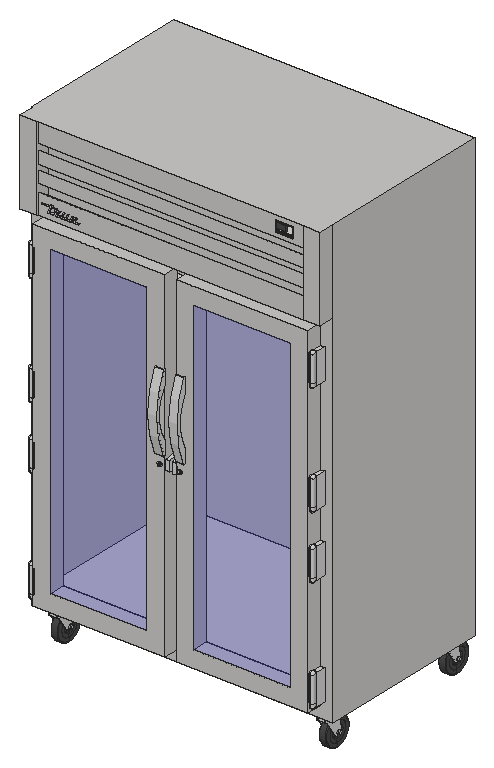
Revit family "QF_TRUE_STG2H-2G", category Specialty Equipment, Revit 2012
Parameters
  Weight in Pounds = 0
  Watts = 3000 W
  Volts = 208 V
  URL Cutsheet = "www.truemfg.com"
  URL = "www.truemfg.com"
  Type Mark [instance] = ""
  Type Comments = ""
  Status [instance] = ""
  Specification by User [instance] = ""
  Specification by Manufacturer = ""
  Show Seismic Flanged [instance] = no
  Show Logo [instance] = yes
  Show Legs [instance] = no
  Show Clearance [instance] = yes
  Serial Number = ""
  Seismic Rating = ""
  Seismic Plate [instance] = and(Show Seismic Flanged, not(Show Casters))  # no
  SMACNA No = ""
  Revision Code [instance] = ""
  Phase = 1
  Omniclass Number and Title = ""
  Number of Poles [instance] = 1
  NAFEM Spec ID Number = ""
  Model = "STG2H-2G"
  Min Ckt Ampacity = 0 A
  Max Overcurrent Protection = 0 A
  Masterspec = ""
  Manufacturer = "TRUE FOOD SERVICE EQUIPMENT, INC."
  Length = 52 5/8"
  Legs [instance] = or(Show Legs, Show Seismic Flanged)  # no
  Item Number [instance] = ""
  Installed By [instance] = ""
  Identify Quantity as Lot [instance] = yes
  Height = 77 3/4"
  HP = ""
  Furnished By [instance] = ""
  Foodservice Equipment Identifier [instance] = yes
  FL Amps = Watts / Volts  # 14.4231 A
  Electrical Remarks [instance] = "208-240/60/1"
  Electric Connection Type [instance] = ""
  Elec Conn RI Height [instance] = 0"
  Elec Conn Connection Height [instance] = 0"
  Description = "REACH-IN GLASS SWING DOOR HEATED CABINETS WITH LED LIGHTING"
  Depth = 33 3/4"
  Cycle = 60 Hz
  Conn Plug = ""
  Conn Conduit = yes
  Show Casters [instance] = and(not(if(Show Legs, Show Legs, Show Legs)), not(if(Show Legs, Show Legs, Show Seismic Flanged)))  # yes
  CSI MasterFormat = ""
  CSI Master Format = ""
  Apparent Power = if(Phase = 3, Volts * FL Amps * 1.73, Volts * FL Amps)  # 3000 VA
Reference planes (in)
  plane 1 "BACK": y = 0
  plane 2: z = 0
  plane 3 "LEFT": x = 0
  plane 4 "RIGHT": x = 52.625
  plane 5 "FRONT": y = -33.75
  plane 6 "TOP": z = 84.125
  plane 7: z = 6.125
  plane 8: x = 26.3125
  plane 9: x = 3
  plane 10: x = 49.9375
  plane 11: y = -33.7042
  plane 12: x = 26.3125
  plane 13: y = -56.78125
Forms (in)
  Extrusion 1, solid, material "QF_Finishes_Stainless Steel"
    sketch origin (0.05, 0, 0) x (1, 0, 0) y (0, 1, 0)
      loop
        line (-0.05, 0) -> (-0.05, -31) -> (2.35625, -31) -> (2.35625, 0) -> (-0.05, 0)
    from 6.125 to 84.125
  Extrusion 2, solid, material "QF_Finishes_Stainless Steel"
    sketch origin (49.99375, 0, 0) x (1, 0, 0) y (0, 1, 0)
      loop
        line (0.225, 0) -> (0.225, -31) -> (2.63125, -31) -> (2.63125, 0) -> (0.225, 0)
    from 6.125 to 84.125
  Extrusion 3, solid, material "QF_Finishes_Stainless Steel"
    sketch origin (0, 0, 0) x (0, 1, 0) y (0, 0, 1)
      loop
        line (-33.7042, 69.5) -> (-31, 69.5) -> (-31, 66.96875) -> (-2, 66.96875) -> (-2, 9.98627) -> (-31, 9.98627) -> (-31, 6.125) -> (0, 6.125) -> (0, 84.125) -> (-33.7042, 84.125) -> (-33.7042, 80.78078) -> (-31.5, 79.21352) -> (-31.5, 78.09125) -> (-33.7042, 79.65851) -> (-33.7042, 77.5248) -> (-31.5, 75.95754) -> (-31.5, 74.99678) -> (-33.7042, 76.56404) -> (-33.7042, 74.46784) -> (-31.5, 72.90057) -> (-31.5, 71.625) -> (-33.7042, 73.19226) -> (-33.7042, 69.5)
    from 2.25 to 50.21875
  Extrusion 4, solid, material "QF_Finishes_Stainless Steel"
    sketch origin (0, 0, 0) x (1, 0, 0) y (0, 1, 0)
      loop
        line (52.54687, -31) -> (49.66032, -31) -> (49.66032, -33.75) -> (52.54687, -33.75) -> (52.54687, -31)
    from 69.5 to 84.125
  Extrusion 5, solid, material "QF_Finishes_Stainless Steel"
    sketch origin (-50.125, 0, 0.25) x (1, 0, 0) y (0, 1, 0)
      loop
        line (53.20984, -31) -> (50.20312, -31) -> (50.20312, -33.75) -> (53.20984, -33.75) -> (53.20984, -31)
    from 69.25 to 83.875
  Extrusion 6, solid, material "QF_Finishes_Stainless Steel"
    sketch origin (0, 0, -0.71875) x (1, 0, 0) y (0, 0, 1)
      loop
        line (2.40625, 68.6875) -> (2.40625, 8.75) -> (25.34375, 8.75) -> (25.34375, 68.6875) -> (2.40625, 68.6875)
      loop
        line (50.375, 68.6875) -> (27.4375, 68.6875) -> (27.4375, 8.75) -> (50.375, 8.75) -> (50.375, 68.6875)
      loop
        line (5.40625, 65.6875) -> (5.40625, 11.75) -> (22.34375, 11.75) -> (22.34375, 65.6875) -> (5.40625, 65.6875)
      loop
        line (30.4375, 65.6875) -> (30.4375, 11.75) -> (47.375, 11.75) -> (47.375, 65.6875) -> (30.4375, 65.6875)
    from 31 to 33.75
  Extrusion 7, solid, material "QF_Finishes_Handrails and Railings"
    sketch origin (1.75, 0, -2) x (1, 0, 0) y (0, 0, 1)
      loop
        circle (22.76563, 40.0625) r 0.35
      loop
        line (22.73047, 40.33635) -> (22.73047, 39.76895) -> (22.78597, 39.76895) -> (22.78597, 40.33635) -> (22.73047, 40.33635)
      loop
        circle (26.3125, 40.0625) r 0.35
      loop
        line (26.34765, 40.33635) -> (26.29215, 40.33635) -> (26.29215, 39.76895) -> (26.34765, 39.76895) -> (26.34765, 40.33635)
    from 33.5 to 33.83066
  Extrusion 8, solid, material "QF_Finishes_Handrails and Railings", visible <- "Show Logo"
    sketch origin (0.33478, 1.08173, -6.73143) x (1, 0, 0) y (0, 0, 1)
      loop
        line (3.61669, 78.46231) -> (3.51103, 78.23573) -> (4.91652, 78.23573)
        arc (4.91652, 78.23573) -> (4.94504, 78.18528) -> (4.91652, 78.13484) r 0.05887
        line (4.91652, 78.13484) -> (4.54994, 77.34872)
        arc (4.54994, 77.34872) -> (4.54676, 77.27591) -> (4.596, 77.22217) r 0.09523
        line (4.596, 77.22217) -> (5.49469, 77.22217)
        arc (5.49469, 77.22217) -> (5.60817, 77.25795) -> (5.68061, 77.35235) r 0.19785
        line (5.68061, 77.35235) -> (5.9691, 77.97101) -> (6.23415, 77.97101)
        arc (6.23415, 77.97101) -> (6.30369, 77.94543) -> (6.29362, 77.87203) r 0.05911
        line (6.29362, 77.87203) -> (6.05223, 77.35437)
        arc (6.05223, 77.35437) -> (6.05599, 77.2684) -> (6.12856, 77.22217) r 0.09318
        line (6.12856, 77.22217) -> (6.91823, 77.22217)
        arc (6.91823, 77.22217) -> (6.97874, 77.24419) -> (7.01093, 77.29995) r 0.09412
        arc (7.01093, 77.29995) -> (7.03371, 77.24495) -> (7.08871, 77.22217) r 0.07778
        line (7.08871, 77.22217) -> (7.58871, 77.22217)
        arc (7.58871, 77.22217) -> (7.64647, 77.23765) -> (7.68876, 77.27993) r 0.11552
        arc (7.68876, 77.27993) -> (7.709, 77.23106) -> (7.75787, 77.21081) r 0.06912
        line (7.75787, 77.21081) -> (8.4685, 77.21081)
        arc (8.4685, 77.21081) -> (8.52659, 77.23488) -> (8.55066, 77.29297) r 0.08216
        arc (8.55066, 77.29297) -> (8.60392, 77.23972) -> (8.67667, 77.22022) r 0.14551
        line (8.67667, 77.22022) -> (10.00783, 77.22022) -> (10.15571, 77.47634) -> (8.81303, 77.47634)
        arc (8.81303, 77.47634) -> (8.77597, 77.50204) -> (8.77459, 77.54711) r 0.05009
        line (8.77459, 77.54711) -> (8.79782, 77.59692)
        arc (8.79782, 77.59692) -> (8.83348, 77.64364) -> (8.88952, 77.66135) r 0.09747
        line (8.88952, 77.66135) -> (9.3211, 77.66135)
        arc (9.3211, 77.66135) -> (9.41425, 77.68631) -> (9.48244, 77.7545) r 0.1863
        line (9.48244, 77.7545) -> (9.60744, 77.97101)
        arc (9.60744, 77.97101) -> (9.60744, 78.08657) -> (9.50736, 78.14434) r 0.11556
        line (9.50736, 78.14434) -> (9.05187, 78.14434)
        arc (9.05187, 78.14434) -> (8.93575, 78.12462) -> (8.85474, 78.03912) r 0.18605
        line (8.85474, 78.03912) -> (8.63829, 77.57493)
        arc (8.63829, 77.57493) -> (8.5744, 77.49167) -> (8.47431, 77.46011) r 0.1745
        line (8.47431, 77.46011) -> (8.00184, 77.46011)
        arc (8.00184, 77.46011) -> (7.94528, 77.52184) -> (7.94893, 77.60548) r 0.10939
        line (7.94893, 77.60548) -> (8.2002, 78.14434) -> (8.04028, 78.14434) -> (7.77406, 77.57344)
        arc (7.77406, 77.57344) -> (7.72234, 77.50603) -> (7.6413, 77.48048) r 0.14128
        line (7.6413, 77.48048) -> (7.3155, 77.48048)
        arc (7.3155, 77.48048) -> (7.26044, 77.55223) -> (7.27225, 77.64189) r 0.11816
        line (7.27225, 77.64189) -> (7.50655, 78.14434) -> (7.34139, 78.14434) -> (7.07171, 77.566)
        arc (7.07171, 77.566) -> (7.0091, 77.50339) -> (6.92358, 77.48048) r 0.17104
        line (6.92358, 77.48048) -> (6.4518, 77.48048)
        arc (6.4518, 77.48048) -> (6.36707, 77.51999) -> (6.35892, 77.61313) r 0.0935
        line (6.35892, 77.61313) -> (6.51399, 77.94569) -> (6.7332, 77.94569)
        arc (6.7332, 77.94569) -> (6.7702, 78.05717) -> (6.84892, 78.14434) r 0.2857
        line (6.84892, 78.14434) -> (5.9923, 78.14434)
        arc (5.9923, 78.14434) -> (5.89711, 78.12324) -> (5.83123, 78.05135) r 0.16212
        line (5.83123, 78.05135) -> (5.59904, 77.55341)
        arc (5.59904, 77.55341) -> (5.54565, 77.50002) -> (5.47272, 77.48048) r 0.14586
        line (5.47272, 77.48048) -> (4.96131, 77.48048)
        arc (4.96131, 77.48048) -> (4.92139, 77.53442) -> (4.92899, 77.60109) r 0.09155
        line (4.92899, 77.60109) -> (5.26643, 78.23573) -> (6.1178, 78.23573) -> (6.22346, 78.46231) -> (5.37209, 78.46231) -> (5.47774, 78.68888) -> (5.17487, 78.68888) -> (5.06922, 78.46231) -> (3.61669, 78.46231)
      loop
        arc (8.9943, 77.93863) -> (8.95744, 77.92875) -> (8.93045, 77.90176) r 0.07373
        line (8.93045, 77.90176) -> (8.90854, 77.83436)
        arc (8.90854, 77.83436) -> (8.9187, 77.80983) -> (8.94324, 77.79966) r 0.0347
        line (8.94324, 77.79966) -> (9.31573, 77.79966)
        arc (9.31573, 77.79966) -> (9.34257, 77.80561) -> (9.36437, 77.82234) r 0.0635
        line (9.36437, 77.82234) -> (9.38249, 77.90622)
        arc (9.38249, 77.90622) -> (9.37716, 77.92868) -> (9.35634, 77.93863) r 0.02676
        line (9.35634, 77.93863) -> (8.9943, 77.93863)
    from 34.76797 to 34.83173
  Extrusion 9, solid
    sketch origin (0, 0, 0) x (1, 0, 0) y (0, 0, 1)
      loop
        circle (49.53125, 82) r 0.25
    from 0 to 0.0625
  Extrusion 10, solid, material "QF_Finishes_Handrails and Railings"
    sketch origin (36.22106, -0.25, 93.43167) x (0, 1, 0) y (0, 0, -1)
      loop
        line (-33.5, 53.875) -> (-33.7, 53.875)
        arc (-33.7, 53.875) -> (-35.14405, 47.075) -> (-33.7, 40.275) r 16.7325
        line (-33.7, 40.275) -> (-33.5, 40.275) -> (-33.5, 42.675)
        arc (-33.5, 42.675) -> (-34.65816, 47.075) -> (-33.5, 51.475) r 8.93715
        line (-33.5, 51.475) -> (-33.5, 53.875)
    from 10.87731 to 12.37731
  Blend 11, solid, material "QF_Finishes_Handrails and Railings"
    base sketch origin (0.01562, 0, 0) x (1, 0, 0) y (0, 0, 1)
      loop
        line (25.32813, 38.99169) -> (25.32813, 37.24169) -> (26.07813, 37.24169) -> (26.07813, 38.99169) -> (25.32813, 38.99169)
    top sketch origin (0.01562, 0, 0) x (1, 0, 0) y (0, 0, 1)
      loop
        line (26.26036, 36.6441) -> (26.26036, 39.42643) -> (25.32813, 39.42643) -> (25.32813, 36.6441) -> (26.26036, 36.6441)
    from 33.57883 to 31
  Blend 12, solid, material "QF_Finishes_Handrails and Railings"
    base sketch origin (52.6875, 0, 0) x (-1, 0, 0) y (0, 0, -1)
      loop
        line (25.25, -38.99169) -> (26, -38.99169) -> (26, -37.24169) -> (25.25, -37.24169) -> (25.25, -38.99169)
    top sketch origin (52.6875, 0, 0) x (-1, 0, 0) y (0, 0, -1)
      loop
        line (26.18223, -36.6441) -> (25.25, -36.6441) -> (25.25, -39.42643) -> (26.18223, -39.42643) -> (26.18223, -36.6441)
    from 33.57883 to 31
  Extrusion 13, solid, material "QF_Finishes_Handrails and Railings"
    sketch origin (1.28125, 0, 0) x (0, 1, 0) y (0, 0, 1)
      loop
        line (-31, 64.55229) -> (-32.61044, 64.55229)
        arc (-32.61044, 64.55229) -> (-32.75506, 64.49238) -> (-32.81497, 64.34776) r 0.20453
        line (-32.81497, 64.34776) -> (-32.81497, 59.94848) -> (-33.25, 59.94848) -> (-33.25, 59.23627) -> (-31, 59.23627) -> (-31, 64.55229)
    from 0.17506 to 1
  Revolve 14, solid, material "QF_Finishes_Handrails and Railings"
    sketch origin (1.78125, 0, 0) x (0, 1, 0) y (0, 0, 1)
      loop
        line (-33.26563, 60.00189) -> (-33.26563, 64.81483)
        arc (-33.26563, 64.81483) -> (-33.53722, 64.72557) -> (-33.67229, 64.4736) r 0.3848
        line (-33.67229, 64.4736) -> (-33.67229, 60.00189) -> (-33.26563, 60.00189)
      loop
        line (-33.26563, 59.94848) -> (-33.67229, 59.94848) -> (-33.67229, 59.37712)
        arc (-33.67229, 59.37712) -> (-33.53264, 59.13383) -> (-33.26563, 59.04781) r 0.38884
        line (-33.26563, 59.04781) -> (-33.26563, 59.94848)
      axis (-33.26563, 59.04781) -> (-33.26563, 64.81483)
    angle from 0 to 360
  Extrusion 15, solid, material "QF_Finishes_Handrails and Railings"
    sketch origin (-0.03125, 0, 0) x (1, 0, 0) y (0, 0, 1)
      loop
        line (2.07116, 64.4736) -> (2.07116, 60.00079) -> (2.46875, 60.00079) -> (2.46875, 64.4736) -> (2.07116, 64.4736)
    from 32.81497 to 33.59495
  Extrusion 16, solid, material "QF_Finishes_Handrails and Railings"
    sketch origin (1.28125, 0, -19.5) x (0, 1, 0) y (0, 0, 1)
      loop
        line (-31, 64.55229) -> (-32.61044, 64.55229)
        arc (-32.61044, 64.55229) -> (-32.75506, 64.49238) -> (-32.81497, 64.34776) r 0.20453
        line (-32.81497, 64.34776) -> (-32.81497, 59.94848) -> (-33.25, 59.94848) -> (-33.25, 59.23627) -> (-31, 59.23627) -> (-31, 64.55229)
    from 0.17506 to 1
  Revolve 17, solid, material "QF_Finishes_Handrails and Railings"
    sketch origin (1.78125, 0, -19.5) x (0, 1, 0) y (0, 0, 1)
      loop
        line (-33.26563, 60.00189) -> (-33.26563, 64.81483)
        arc (-33.26563, 64.81483) -> (-33.53722, 64.72557) -> (-33.67229, 64.4736) r 0.3848
        line (-33.67229, 64.4736) -> (-33.67229, 60.00189) -> (-33.26563, 60.00189)
      loop
        line (-33.26563, 59.94848) -> (-33.67229, 59.94848) -> (-33.67229, 59.37712)
        arc (-33.67229, 59.37712) -> (-33.53264, 59.13383) -> (-33.26563, 59.04781) r 0.38884
        line (-33.26563, 59.04781) -> (-33.26563, 59.94848)
      axis (-33.26563, 59.04781) -> (-33.26563, 64.81483)
    angle from 0 to 360
  Extrusion 18, solid, material "QF_Finishes_Handrails and Railings"
    sketch origin (-0.03125, 0, -19.5) x (1, 0, 0) y (0, 0, 1)
      loop
        line (2.07116, 64.4736) -> (2.07116, 60.00079) -> (2.46875, 60.00079) -> (2.46875, 64.4736) -> (2.07116, 64.4736)
    from 32.81497 to 33.59495
  Extrusion 19, solid, material "QF_Finishes_Handrails and Railings"
    sketch origin (1.28125, 0, -30.5) x (0, 1, 0) y (0, 0, 1)
      loop
        line (-31, 64.55229) -> (-32.61044, 64.55229)
        arc (-32.61044, 64.55229) -> (-32.75506, 64.49238) -> (-32.81497, 64.34776) r 0.20453
        line (-32.81497, 64.34776) -> (-32.81497, 59.94848) -> (-33.25, 59.94848) -> (-33.25, 59.23627) -> (-31, 59.23627) -> (-31, 64.55229)
    from 0.17506 to 1
  Revolve 20, solid, material "QF_Finishes_Handrails and Railings"
    sketch origin (1.78125, 0, -30.5) x (0, 1, 0) y (0, 0, 1)
      loop
        line (-33.26563, 60.00189) -> (-33.26563, 64.81483)
        arc (-33.26563, 64.81483) -> (-33.53722, 64.72557) -> (-33.67229, 64.4736) r 0.3848
        line (-33.67229, 64.4736) -> (-33.67229, 60.00189) -> (-33.26563, 60.00189)
      loop
        line (-33.26563, 59.94848) -> (-33.67229, 59.94848) -> (-33.67229, 59.37712)
        arc (-33.67229, 59.37712) -> (-33.53264, 59.13383) -> (-33.26563, 59.04781) r 0.38884
        line (-33.26563, 59.04781) -> (-33.26563, 59.94848)
      axis (-33.26563, 59.04781) -> (-33.26563, 64.81483)
    angle from 0 to 360
  Extrusion 21, solid, material "QF_Finishes_Handrails and Railings"
    sketch origin (-0.03125, 0, -30.5) x (1, 0, 0) y (0, 0, 1)
      loop
        line (2.07116, 64.4736) -> (2.07116, 60.00079) -> (2.46875, 60.00079) -> (2.46875, 64.4736) -> (2.07116, 64.4736)
    from 32.81497 to 33.59495
  Extrusion 22, solid, material "QF_Finishes_Handrails and Railings"
    sketch origin (1.28125, 0, -50.25) x (0, 1, 0) y (0, 0, 1)
      loop
        line (-31, 64.55229) -> (-32.61044, 64.55229)
        arc (-32.61044, 64.55229) -> (-32.75506, 64.49238) -> (-32.81497, 64.34776) r 0.20453
        line (-32.81497, 64.34776) -> (-32.81497, 59.94848) -> (-33.25, 59.94848) -> (-33.25, 59.23627) -> (-31, 59.23627) -> (-31, 64.55229)
    from 0.17506 to 1
  Revolve 23, solid, material "QF_Finishes_Handrails and Railings"
    sketch origin (1.78125, 0, -50.25) x (0, 1, 0) y (0, 0, 1)
      loop
        line (-33.26563, 60.00189) -> (-33.26563, 64.81483)
        arc (-33.26563, 64.81483) -> (-33.53722, 64.72557) -> (-33.67229, 64.4736) r 0.3848
        line (-33.67229, 64.4736) -> (-33.67229, 60.00189) -> (-33.26563, 60.00189)
      loop
        line (-33.26563, 59.94848) -> (-33.67229, 59.94848) -> (-33.67229, 59.37712)
        arc (-33.67229, 59.37712) -> (-33.53264, 59.13383) -> (-33.26563, 59.04781) r 0.38884
        line (-33.26563, 59.04781) -> (-33.26563, 59.94848)
      axis (-33.26563, 59.04781) -> (-33.26563, 64.81483)
    angle from 0 to 360
  Extrusion 24, solid, material "QF_Finishes_Handrails and Railings"
    sketch origin (-0.03125, 0, -50.25) x (1, 0, 0) y (0, 0, 1)
      loop
        line (2.07116, 64.4736) -> (2.07116, 60.00079) -> (2.46875, 60.00079) -> (2.46875, 64.4736) -> (2.07116, 64.4736)
    from 32.81497 to 33.59495
  Extrusion 25, solid, material "QF_Finishes_Handrails and Railings"
    sketch origin (51.375, 0, 0) x (0, 1, 0) y (0, 0, -1)
      loop
        line (-31, -64.55229) -> (-31, -59.23627) -> (-33.25, -59.23627) -> (-33.25, -59.94848) -> (-32.81497, -59.94848) -> (-32.81497, -64.34776)
        arc (-32.81497, -64.34776) -> (-32.75506, -64.49238) -> (-32.61044, -64.55229) r 0.20453
        line (-32.61044, -64.55229) -> (-31, -64.55229)
    from 0.17506 to 1
  Revolve 26, solid, material "QF_Finishes_Handrails and Railings"
    sketch origin (50.875, 0, 0) x (0, 1, 0) y (0, 0, -1)
      loop
        line (-33.26563, -60.00189) -> (-33.67229, -60.00189) -> (-33.67229, -64.4736)
        arc (-33.67229, -64.4736) -> (-33.53722, -64.72557) -> (-33.26563, -64.81483) r 0.3848
        line (-33.26563, -64.81483) -> (-33.26563, -60.00189)
      loop
        line (-33.26563, -59.94848) -> (-33.26563, -59.04781)
        arc (-33.26563, -59.04781) -> (-33.53264, -59.13383) -> (-33.67229, -59.37712) r 0.38884
        line (-33.67229, -59.37712) -> (-33.67229, -59.94848) -> (-33.26563, -59.94848)
      axis (-33.26563, -59.04781) -> (-33.26563, -64.81483)
    angle from 0 to 360
  Extrusion 27, solid, material "QF_Finishes_Handrails and Railings"
    sketch origin (52.6875, 0, 0) x (-1, 0, 0) y (0, 0, -1)
      loop
        line (1.75866, -64.4736) -> (2.15625, -64.4736) -> (2.15625, -60.00079) -> (1.75866, -60.00079) -> (1.75866, -64.4736)
    from 32.81497 to 33.59495
  Extrusion 28, solid, material "QF_Finishes_Handrails and Railings"
    sketch origin (51.375, 0, -19.5) x (0, 1, 0) y (0, 0, -1)
      loop
        line (-31, -64.55229) -> (-31, -59.23627) -> (-33.25, -59.23627) -> (-33.25, -59.94848) -> (-32.81497, -59.94848) -> (-32.81497, -64.34776)
        arc (-32.81497, -64.34776) -> (-32.75506, -64.49238) -> (-32.61044, -64.55229) r 0.20453
        line (-32.61044, -64.55229) -> (-31, -64.55229)
    from 0.17506 to 1
  Revolve 29, solid, material "QF_Finishes_Handrails and Railings"
    sketch origin (50.875, 0, -19.5) x (0, 1, 0) y (0, 0, -1)
      loop
        line (-33.26563, -60.00189) -> (-33.67229, -60.00189) -> (-33.67229, -64.4736)
        arc (-33.67229, -64.4736) -> (-33.53722, -64.72557) -> (-33.26563, -64.81483) r 0.3848
        line (-33.26563, -64.81483) -> (-33.26563, -60.00189)
      loop
        line (-33.26563, -59.94848) -> (-33.26563, -59.04781)
        arc (-33.26563, -59.04781) -> (-33.53264, -59.13383) -> (-33.67229, -59.37712) r 0.38884
        line (-33.67229, -59.37712) -> (-33.67229, -59.94848) -> (-33.26563, -59.94848)
      axis (-33.26563, -59.04781) -> (-33.26563, -64.81483)
    angle from 0 to 360
  Extrusion 30, solid, material "QF_Finishes_Handrails and Railings"
    sketch origin (52.6875, 0, -19.5) x (-1, 0, 0) y (0, 0, -1)
      loop
        line (1.75866, -64.4736) -> (2.15625, -64.4736) -> (2.15625, -60.00079) -> (1.75866, -60.00079) -> (1.75866, -64.4736)
    from 32.81497 to 33.59495
  Extrusion 31, solid, material "QF_Finishes_Handrails and Railings"
    sketch origin (51.375, 0, -30.5) x (0, 1, 0) y (0, 0, -1)
      loop
        line (-31, -64.55229) -> (-31, -59.23627) -> (-33.25, -59.23627) -> (-33.25, -59.94848) -> (-32.81497, -59.94848) -> (-32.81497, -64.34776)
        arc (-32.81497, -64.34776) -> (-32.75506, -64.49238) -> (-32.61044, -64.55229) r 0.20453
        line (-32.61044, -64.55229) -> (-31, -64.55229)
    from 0.17506 to 1
  Revolve 32, solid, material "QF_Finishes_Handrails and Railings"
    sketch origin (50.875, 0, -30.5) x (0, 1, 0) y (0, 0, -1)
      loop
        line (-33.26563, -60.00189) -> (-33.67229, -60.00189) -> (-33.67229, -64.4736)
        arc (-33.67229, -64.4736) -> (-33.53722, -64.72557) -> (-33.26563, -64.81483) r 0.3848
        line (-33.26563, -64.81483) -> (-33.26563, -60.00189)
      loop
        line (-33.26563, -59.94848) -> (-33.26563, -59.04781)
        arc (-33.26563, -59.04781) -> (-33.53264, -59.13383) -> (-33.67229, -59.37712) r 0.38884
        line (-33.67229, -59.37712) -> (-33.67229, -59.94848) -> (-33.26563, -59.94848)
      axis (-33.26563, -59.04781) -> (-33.26563, -64.81483)
    angle from 0 to 360
  Extrusion 33, solid, material "QF_Finishes_Handrails and Railings"
    sketch origin (52.6875, 0, -30.5) x (-1, 0, 0) y (0, 0, -1)
      loop
        line (1.75866, -64.4736) -> (2.15625, -64.4736) -> (2.15625, -60.00079) -> (1.75866, -60.00079) -> (1.75866, -64.4736)
    from 32.81497 to 33.59495
  Extrusion 34, solid, material "QF_Finishes_Handrails and Railings"
    sketch origin (51.375, 0, -50.25) x (0, 1, 0) y (0, 0, -1)
      loop
        line (-31, -64.55229) -> (-31, -59.23627) -> (-33.25, -59.23627) -> (-33.25, -59.94848) -> (-32.81497, -59.94848) -> (-32.81497, -64.34776)
        arc (-32.81497, -64.34776) -> (-32.75506, -64.49238) -> (-32.61044, -64.55229) r 0.20453
        line (-32.61044, -64.55229) -> (-31, -64.55229)
    from 0.17506 to 1
  Revolve 35, solid, material "QF_Finishes_Handrails and Railings"
    sketch origin (50.875, 0, -50.25) x (0, 1, 0) y (0, 0, -1)
      loop
        line (-33.26563, -60.00189) -> (-33.67229, -60.00189) -> (-33.67229, -64.4736)
        arc (-33.67229, -64.4736) -> (-33.53722, -64.72557) -> (-33.26563, -64.81483) r 0.3848
        line (-33.26563, -64.81483) -> (-33.26563, -60.00189)
      loop
        line (-33.26563, -59.94848) -> (-33.26563, -59.04781)
        arc (-33.26563, -59.04781) -> (-33.53264, -59.13383) -> (-33.67229, -59.37712) r 0.38884
        line (-33.67229, -59.37712) -> (-33.67229, -59.94848) -> (-33.26563, -59.94848)
      axis (-33.26563, -59.04781) -> (-33.26563, -64.81483)
    angle from 0 to 360
  Extrusion 36, solid, material "QF_Finishes_Handrails and Railings"
    sketch origin (52.6875, 0, -50.25) x (-1, 0, 0) y (0, 0, -1)
      loop
        line (1.75866, -64.4736) -> (2.15625, -64.4736) -> (2.15625, -60.00079) -> (1.75866, -60.00079) -> (1.75866, -64.4736)
    from 32.81497 to 33.59495
  Revolve 37, solid, material "QF_Finishes_Black", visible <- "Show Casters"
    sketch origin (47.78125, -27.375, 0) x (1, 0, 0) y (0, 0, 1)
      loop
        line (1.63125, 5) -> (1.53125, 4.9) -> (1.53125, 4.29941) -> (1.69226, 4.29941) -> (1.69226, 3.54941) -> (1.53125, 3.54941) -> (1.53125, 2.79941) -> (1.13125, 2.79941) -> (1.13125, 2.5) -> (3.18125, 2.5) -> (3.18125, 2.79941) -> (2.78533, 2.79941) -> (2.78533, 3.54941) -> (2.62024, 3.54941) -> (2.62024, 4.29941) -> (2.78533, 4.29941) -> (2.78533, 4.89592) -> (2.68125, 5) -> (1.63125, 5)
      axis (3.18125, 2.5) -> (1.13125, 2.5)
    angle from 0 to 360
  Extrusion 38, solid, material "QF_Finishes_Handrails and Railings", visible <- "Show Casters"
    sketch origin (47.78125, 0, 0) x (0, 1, 0) y (0, 0, 1)
      loop
        line (-29.95136, 5.48574) -> (-29.95136, 4.88089) -> (-29.70136, 4.88089) -> (-27.95216, 2.18736)
        arc (-27.95216, 2.18736) -> (-27.23883, 1.94868) -> (-26.84581, 2.59003) r 0.60416
        line (-26.84581, 2.59003) -> (-27.20136, 5.48574) -> (-29.95136, 5.48574)
      loop
        line (-3.8577, 5.48574) -> (-3.8577, 4.88089) -> (-3.6077, 4.88089) -> (-1.8585, 2.18736)
        arc (-1.8585, 2.18736) -> (-1.14517, 1.94868) -> (-0.75215, 2.59003) r 0.60416
        line (-0.75215, 2.59003) -> (-1.1077, 5.48574) -> (-3.8577, 5.48574)
    from 1.175 to 1.325
  Extrusion 39, solid, material "QF_Finishes_Handrails and Railings", visible <- "Show Casters"
    sketch origin (49.28125, 0, 0) x (0, 1, 0) y (0, 0, 1)
      loop
        line (-29.95136, 5.48574) -> (-29.95136, 4.88089) -> (-29.70136, 4.88089) -> (-27.95216, 2.18736)
        arc (-27.95216, 2.18736) -> (-27.23883, 1.94868) -> (-26.84581, 2.59003) r 0.60416
        line (-26.84581, 2.59003) -> (-27.20136, 5.48574) -> (-29.95136, 5.48574)
      loop
        line (-3.8577, 5.48574) -> (-3.8577, 4.88089) -> (-3.6077, 4.88089) -> (-1.8585, 2.18736)
        arc (-1.8585, 2.18736) -> (-1.14517, 1.94868) -> (-0.75215, 2.59003) r 0.60416
        line (-0.75215, 2.59003) -> (-1.1077, 5.48574) -> (-3.8577, 5.48574)
    from 1.175 to 1.325
  Revolve 40, solid, material "QF_Finishes_Chrome - Satin", visible <- "Show Casters"
    sketch origin (47.78125, -28.5625, -0.5) x (1, 0, 0) y (0, 0, 1)
      loop
        line (2.15625, 5.99546) -> (2.15625, 6.62359) -> (0.85918, 6.62359) -> (0.85918, 5.99546) -> (2.15625, 5.99546)
      axis (2.15625, 5.99546) -> (2.15625, 6.62359)
    angle from 0 to 360
  Revolve 41, solid, material "QF_Finishes_Chrome - Satin", visible <- "Legs"
    sketch origin (47.78125, -2.69102, 0) x (1, 0, 0) y (0, 0, 1)
      loop
        line (2.15625, 6.125) -> (0.82287, 6.125) -> (1.40625, 1) -> (1.65625, 1) -> (1.65625, 0) -> (2.15625, 0) -> (2.15625, 6.125)
      axis (2.15625, 0) -> (2.15625, 6.125)
    angle from 0 to 360
  Revolve 42, solid, material "QF_Finishes_Chrome - Satin", visible <- "Legs"
    sketch origin (47.78125, -28.65977, 0) x (1, 0, 0) y (0, 0, 1)
      loop
        line (2.15625, 6.125) -> (0.82287, 6.125) -> (1.40625, 1) -> (1.65625, 1) -> (1.65625, 0) -> (2.15625, 0) -> (2.15625, 6.125)
      axis (2.15625, 0) -> (2.15625, 6.125)
    angle from 0 to 360
  Revolve 43, solid, material "QF_Finishes_Chrome - Satin", visible <- "Show Casters"
    sketch origin (47.78125, -2.70321, -0.5) x (1, 0, 0) y (0, 0, 1)
      loop
        line (2.15625, 5.99546) -> (2.15625, 6.62359) -> (0.85918, 6.62359) -> (0.85918, 5.99546) -> (2.15625, 5.99546)
      axis (2.15625, 5.99546) -> (2.15625, 6.62359)
    angle from 0 to 360
  Extrusion 44, solid, material "QF_Finishes_Handrails and Railings", visible <- "Show Casters"
    sketch origin (0, 0, 0) x (0, 1, 0) y (0, 0, 1)
      loop
        line (-29.95136, 5.48574) -> (-29.95136, 4.88089) -> (-29.70136, 4.88089) -> (-27.16533, 5.19227) -> (-27.20136, 5.48574) -> (-29.95136, 5.48574)
      loop
        line (-3.8577, 5.48574) -> (-3.8577, 4.88089) -> (-3.6077, 4.88089) -> (-1.07167, 5.19227) -> (-1.1077, 5.48574) -> (-3.8577, 5.48574)
    from 49.10625 to 50.45625
  Revolve 45, solid, material "QF_Finishes_Black", visible <- "Show Casters"
    sketch origin (47.78125, -1.21875, 0) x (1, 0, 0) y (0, 0, 1)
      loop
        line (1.63125, 5) -> (1.53125, 4.9) -> (1.53125, 4.29941) -> (1.69226, 4.29941) -> (1.69226, 3.54941) -> (1.53125, 3.54941) -> (1.53125, 2.79941) -> (1.13125, 2.79941) -> (1.13125, 2.5) -> (3.18125, 2.5) -> (3.18125, 2.79941) -> (2.78533, 2.79941) -> (2.78533, 3.54941) -> (2.62024, 3.54941) -> (2.62024, 4.29941) -> (2.78533, 4.29941) -> (2.78533, 4.89592) -> (2.68125, 5) -> (1.63125, 5)
      axis (3.18125, 2.5) -> (1.13125, 2.5)
    angle from 0 to 360
  Revolve 46, solid, material "QF_Finishes_Black", visible <- "Show Casters"
    sketch origin (0.84375, -27.375, 0) x (1, 0, 0) y (0, 0, 1)
      loop
        line (1.63125, 5) -> (1.53125, 4.9) -> (1.53125, 4.29941) -> (1.69226, 4.29941) -> (1.69226, 3.54941) -> (1.53125, 3.54941) -> (1.53125, 2.79941) -> (0.975, 2.79941) -> (0.975, 2.5) -> (3.18125, 2.5) -> (3.18125, 2.79941) -> (2.78533, 2.79941) -> (2.78533, 3.54941) -> (2.62024, 3.54941) -> (2.62024, 4.29941) -> (2.78533, 4.29941) -> (2.78533, 4.89592) -> (2.68125, 5) -> (1.63125, 5)
      axis (3.18125, 2.5) -> (0.975, 2.5)
    angle from 0 to 360
  Extrusion 47, solid, material "QF_Finishes_Handrails and Railings", visible <- "Show Casters"
    sketch origin (0.84375, 0, 0) x (0, 1, 0) y (0, 0, 1)
      loop
        line (-29.95136, 5.48574) -> (-29.95136, 4.88089) -> (-29.70136, 4.88089) -> (-27.95216, 2.18736)
        arc (-27.95216, 2.18736) -> (-27.23883, 1.94868) -> (-26.84581, 2.59003) r 0.60416
        line (-26.84581, 2.59003) -> (-27.20136, 5.48574) -> (-29.95136, 5.48574)
      loop
        line (-3.8577, 5.48574) -> (-3.8577, 4.88089) -> (-3.6077, 4.88089) -> (-1.8585, 2.18736)
        arc (-1.8585, 2.18736) -> (-1.14517, 1.94868) -> (-0.75215, 2.59003) r 0.60416
        line (-0.75215, 2.59003) -> (-1.1077, 5.48574) -> (-3.8577, 5.48574)
    from 1.175 to 1.325
  Extrusion 48, solid, material "QF_Finishes_Handrails and Railings", visible <- "Show Casters"
    sketch origin (2.34375, 0, 0) x (0, 1, 0) y (0, 0, 1)
      loop
        line (-29.95136, 5.48574) -> (-29.95136, 4.88089) -> (-29.70136, 4.88089) -> (-27.95216, 2.18736)
        arc (-27.95216, 2.18736) -> (-27.23883, 1.94868) -> (-26.84581, 2.59003) r 0.60416
        line (-26.84581, 2.59003) -> (-27.20136, 5.48574) -> (-29.95136, 5.48574)
      loop
        line (-3.8577, 5.48574) -> (-3.8577, 4.88089) -> (-3.6077, 4.88089) -> (-1.8585, 2.18736)
        arc (-1.8585, 2.18736) -> (-1.14517, 1.94868) -> (-0.75215, 2.59003) r 0.60416
        line (-0.75215, 2.59003) -> (-1.1077, 5.48574) -> (-3.8577, 5.48574)
    from 1.175 to 1.325
  Revolve 49, solid, material "QF_Finishes_Chrome - Satin", visible <- "Show Casters"
    sketch origin (0.84375, -28.5625, -0.5) x (1, 0, 0) y (0, 0, 1)
      loop
        line (2.15625, 5.99546) -> (2.15625, 6.62359) -> (0.85918, 6.62359) -> (0.85918, 5.99546) -> (2.15625, 5.99546)
      axis (2.15625, 5.99546) -> (2.15625, 6.62359)
    angle from 0 to 360
  Revolve 50, solid, material "QF_Finishes_Chrome - Satin", visible <- "Legs"
    sketch origin (0.84375, -2.69102, 0) x (1, 0, 0) y (0, 0, 1)
      loop
        line (2.15625, 6.125) -> (0.82287, 6.125) -> (1.40625, 1) -> (1.65625, 1) -> (1.65625, 0) -> (2.15625, 0) -> (2.15625, 6.125)
      axis (2.15625, 0) -> (2.15625, 6.125)
    angle from 0 to 360
  Revolve 51, solid, material "QF_Finishes_Chrome - Satin", visible <- "Legs"
    sketch origin (0.84375, -28.65977, 0) x (1, 0, 0) y (0, 0, 1)
      loop
        line (2.15625, 6.125) -> (0.82287, 6.125) -> (1.40625, 1) -> (1.65625, 1) -> (1.65625, 0) -> (2.15625, 0) -> (2.15625, 6.125)
      axis (2.15625, 0) -> (2.15625, 6.125)
    angle from 0 to 360
  Revolve 52, solid, material "QF_Finishes_Chrome - Satin", visible <- "Show Casters"
    sketch origin (0.84375, -2.70321, -0.5) x (1, 0, 0) y (0, 0, 1)
      loop
        line (2.15625, 5.99546) -> (2.15625, 6.62359) -> (0.85918, 6.62359) -> (0.85918, 5.99546) -> (2.15625, 5.99546)
      axis (2.15625, 5.99546) -> (2.15625, 6.62359)
    angle from 0 to 360
  Extrusion 53, solid, material "QF_Finishes_Handrails and Railings", visible <- "Show Casters"
    sketch origin (-46.9375, 0, 0) x (0, 1, 0) y (0, 0, 1)
      loop
        line (-29.95136, 5.48574) -> (-29.95136, 4.88089) -> (-29.70136, 4.88089) -> (-27.16533, 5.19227) -> (-27.20136, 5.48574) -> (-29.95136, 5.48574)
      loop
        line (-3.8577, 5.48574) -> (-3.8577, 4.88089) -> (-3.6077, 4.88089) -> (-1.07167, 5.19227) -> (-1.1077, 5.48574) -> (-3.8577, 5.48574)
    from 49.10625 to 50.45625
  Revolve 54, solid, material "QF_Finishes_Black", visible <- "Show Casters"
    sketch origin (0.84375, -1.21875, 0) x (1, 0, 0) y (0, 0, 1)
      loop
        line (1.63125, 5) -> (1.53125, 4.9) -> (1.53125, 4.29941) -> (1.69226, 4.29941) -> (1.69226, 3.54941) -> (1.53125, 3.54941) -> (1.53125, 2.79941) -> (0.975, 2.79941) -> (0.975, 2.5) -> (3.18125, 2.5) -> (3.18125, 2.79941) -> (2.78533, 2.79941) -> (2.78533, 3.54941) -> (2.62024, 3.54941) -> (2.62024, 4.29941) -> (2.78533, 4.29941) -> (2.78533, 4.89592) -> (2.68125, 5) -> (1.63125, 5)
      axis (3.18125, 2.5) -> (0.975, 2.5)
    angle from 0 to 360
  Extrusion 55, solid, material "QF_Finishes_White"
    sketch origin (1.49925, 1.06376, 1.58022) x (1, 0, 0) y (0, 0, 1)
      loop
        line (43.31732, 81.73227) -> (43.31732, 79.98496) -> (46.22357, 79.98496) -> (46.22357, 81.73227) -> (43.31732, 81.73227)
    from 34.75 to 34.76797
  Extrusion 56, solid, material "QF_Finishes_Black"
    sketch origin (1.49925, 1.06376, 1.58022) x (1, 0, 0) y (0, 0, 1)
      loop
        line (46.28607, 81.79477) -> (43.25482, 81.79477) -> (43.25482, 79.92246) -> (46.28607, 79.92246) -> (46.28607, 81.79477)
      loop
        spline (43.45482, 80.25372) -> (43.46333, 80.23754) -> (43.48831, 80.22247) -> (43.52804, 80.20952) -> (43.57982, 80.19959) -> (43.64011, 80.19335) -> (43.70482, 80.19122) -> (43.76952, 80.19335) -> (43.82982, 80.19959) -> (43.88159, 80.20952) -> (43.92132, 80.22247) -> (43.9463, 80.23754) -> (43.95482, 80.25372)
        spline (43.95482, 80.25372) -> (43.9463, 80.26989) -> (43.92132, 80.28497) -> (43.88159, 80.29791) -> (43.82982, 80.30784) -> (43.76952, 80.31409) -> (43.70482, 80.31622) -> (43.64011, 80.31409) -> (43.57982, 80.30784) -> (43.52804, 80.29791) -> (43.48831, 80.28497) -> (43.46333, 80.26989) -> (43.45482, 80.25372)
      loop
        spline (44.15083, 80.25372) -> (44.15935, 80.23754) -> (44.18432, 80.22247) -> (44.22405, 80.20952) -> (44.27583, 80.19959) -> (44.33612, 80.19335) -> (44.40083, 80.19122) -> (44.46553, 80.19335) -> (44.52583, 80.19959) -> (44.57761, 80.20952) -> (44.61734, 80.22247) -> (44.64231, 80.23754) -> (44.65083, 80.25372)
        spline (44.65083, 80.25372) -> (44.64231, 80.26989) -> (44.61734, 80.28497) -> (44.57761, 80.29791) -> (44.52583, 80.30784) -> (44.46553, 80.31409) -> (44.40083, 80.31622) -> (44.33612, 80.31409) -> (44.27583, 80.30784) -> (44.22405, 80.29791) -> (44.18432, 80.28497) -> (44.15935, 80.26989) -> (44.15083, 80.25372)
      loop
        spline (44.90083, 80.25372) -> (44.90935, 80.23754) -> (44.93432, 80.22247) -> (44.97405, 80.20952) -> (45.02583, 80.19959) -> (45.08612, 80.19335) -> (45.15083, 80.19122) -> (45.21553, 80.19335) -> (45.27583, 80.19959) -> (45.32761, 80.20952) -> (45.36734, 80.22247) -> (45.39231, 80.23754) -> (45.40083, 80.25372)
        spline (45.40083, 80.25372) -> (45.39231, 80.26989) -> (45.36734, 80.28497) -> (45.32761, 80.29791) -> (45.27583, 80.30784) -> (45.21553, 80.31409) -> (45.15083, 80.31622) -> (45.08612, 80.31409) -> (45.02583, 80.30784) -> (44.97405, 80.29791) -> (44.93432, 80.28497) -> (44.90935, 80.26989) -> (44.90083, 80.25372)
      loop
        line (43.45481, 81.59478) -> (43.45481, 80.59478) -> (45.15433, 80.59478) -> (45.15433, 81.59478) -> (43.45481, 81.59478)
      loop
        line (46.22357, 81.73227) -> (43.31732, 81.73227) -> (43.31732, 79.98496) -> (46.22357, 79.98496) -> (46.22357, 81.73227)
      loop
        spline (45.65083, 80.25372) -> (45.65935, 80.23754) -> (45.68432, 80.22247) -> (45.72405, 80.20952) -> (45.77583, 80.19959) -> (45.83612, 80.19335) -> (45.90083, 80.19122) -> (45.96553, 80.19335) -> (46.02583, 80.19959) -> (46.07761, 80.20952) -> (46.11734, 80.22247) -> (46.14231, 80.23754) -> (46.15083, 80.25372)
        spline (46.15083, 80.25372) -> (46.14231, 80.26989) -> (46.11734, 80.28497) -> (46.07761, 80.29791) -> (46.02583, 80.30784) -> (45.96553, 80.31409) -> (45.90083, 80.31622) -> (45.83612, 80.31409) -> (45.77583, 80.30784) -> (45.72405, 80.29791) -> (45.68432, 80.28497) -> (45.65935, 80.26989) -> (45.65083, 80.25372)
    from 34.76797 to 34.80335
  Extrusion 57, solid, material "QF_Door-Drawer Clearances", visible <- "Show Clearance", detail levels coarse
    sketch origin (0.66534, -3.6098, 0) x (-1, 0, 0) y (0, -1, 0)
      loop
        arc (-26.77216, 30.1402) -> (-33.49097, 46.38644) -> (-49.70966, 53.17145) r 23.05286
        line (-49.70966, 53.17145) -> (-49.70966, 30.1402) -> (-26.77216, 30.1402)
      loop
        line (-1.74091, 30.1402) -> (-1.74091, 53.17145)
        arc (-1.74091, 53.17145) -> (-17.95794, 46.38478) -> (-24.67841, 30.1402) r 23.05859
        line (-24.67841, 30.1402) -> (-1.74091, 30.1402)
    from 8.0288 to 67.96875
  Extrusion 58, solid, material "QF_Finishes_Chrome - Satin", visible <- "Seismic Plate"
    sketch origin (-0.22541, -26.96562, 0) x (1, 0, 0) y (0, 1, 0)
      loop
        circle (3.22541, -1.69416) r 1.5
    from 0 to 0.25
  Extrusion 59, solid, material "QF_Finishes_Chrome - Satin", visible <- "Seismic Plate"
    sketch origin (-0.22541, -0.99687, 0) x (1, 0, 0) y (0, 1, 0)
      loop
        circle (3.22541, -1.69416) r 1.5
    from 0 to 0.25
  Extrusion 60, solid, material "QF_Finishes_Chrome - Satin", visible <- "Seismic Plate"
    sketch origin (46.71209, -0.99687, 0) x (1, 0, 0) y (0, 1, 0)
      loop
        circle (3.22541, -1.69416) r 1.5
    from 0 to 0.25
  Extrusion 61, solid, material "QF_Finishes_Chrome - Satin", visible <- "Seismic Plate"
    sketch origin (46.71209, -26.96562, 0) x (1, 0, 0) y (0, 1, 0)
      loop
        circle (3.22541, -1.69416) r 1.5
    from 0 to 0.25
  Extrusion 62, solid, material "Glass"
    sketch origin (0, 0, -0.71875) x (1, 0, 0) y (0, 0, 1)
      loop
        line (5.40625, 65.6875) -> (5.40625, 11.75) -> (22.34375, 11.75) -> (22.34375, 65.6875) -> (5.40625, 65.6875)
      loop
        line (30.4375, 65.6875) -> (30.4375, 11.75) -> (47.375, 11.75) -> (47.375, 65.6875) -> (30.4375, 65.6875)
    from 31 to 33.75
  Extrusion 63, solid, material "QF_Finishes_Handrails and Railings"
    sketch origin (39.81481, -0.25, 93.43167) x (0, 1, 0) y (0, 0, -1)
      loop
        line (-33.5, 53.875) -> (-33.7, 53.875)
        arc (-33.7, 53.875) -> (-35.14405, 47.075) -> (-33.7, 40.275) r 16.7325
        line (-33.7, 40.275) -> (-33.5, 40.275) -> (-33.5, 42.675)
        arc (-33.5, 42.675) -> (-34.65816, 47.075) -> (-33.5, 51.475) r 8.93715
        line (-33.5, 51.475) -> (-33.5, 53.875)
    from 10.87731 to 12.37731
  Extrusion 64, solid, material "QF_Finishes_Chrome - Satin"
    sketch origin (0, -33.25, 9.98627) x (0, 1, 0) y (-1, 0, 0)
      loop
        line (2.25, -24.21875) -> (2.25, -28.25) -> (3.25, -28.25) -> (3.25, -24.21875) -> (2.25, -24.21875)
    from 0 to 56.98248
Cuts and joins
  joined: Extrusion 1, Extrusion 2, Extrusion 3, Extrusion 4, Extrusion 5
  joined: Revolve 14, Extrusion 15
Lines and regions (in)
  symbolic lines
    curve 1: line (0, 0, 0) -> (52.625, 0, 0)
    curve 2: line (0, -33.75, 0) -> (0, 0, 0)
    curve 3: line (52.625, -33.75, 0) -> (0, -33.75, 0)
    curve 4: line (52.625, 0, 0) -> (52.625, -33.75, 0)
    curve 5: line (52.625, -31.5, 0) -> (0, -31.5, 0)
    curve 18: line (23.84375, -35.39405, 0) -> (23.84375, -33.75, 0)
    curve 19: line (23.84375, -35.39405, 0) -> (25.34375, -35.39405, 0)
    curve 20: line (25.34375, -33.75, 0) -> (25.34375, -35.39405, 0)
    curve 21: line (28.9375, -35.39405, 0) -> (28.9375, -33.75, 0)
    curve 22: line (28.9375, -35.39405, 0) -> (27.4375, -35.39405, 0)
    curve 23: line (27.4375, -33.75, 0) -> (27.4375, -35.39405, 0)
  symbolic lines, style "SpecialityEquipmentHiddenLines", visible <- "Show Casters"
    curve 6: line (50.00722, -0.4208, 0) -> (51.30626, -1.1708, 0)
    curve 7: line (47.38222, -4.96743, 0) -> (50.00722, -0.4208, 0)
    curve 8: line (48.68126, -5.71743, 0) -> (47.38222, -4.96743, 0)
    curve 9: line (51.30626, -1.1708, 0) -> (48.68126, -5.71743, 0)
    curve 10: line (50.00722, -24.52487, 0) -> (51.30626, -25.27487, 0)
    curve 11: line (47.38222, -29.07151, 0) -> (50.00722, -24.52487, 0)
    curve 12: line (48.68126, -29.82151, 0) -> (47.38222, -29.07151, 0)
    curve 13: line (51.30626, -25.27487, 0) -> (48.68126, -29.82151, 0)
    curve 24: line (4.00722, -0.4208, 0) -> (5.30626, -1.1708, 0)
    curve 25: line (1.38222, -4.96743, 0) -> (4.00722, -0.4208, 0)
    curve 26: line (2.68126, -5.71743, 0) -> (1.38222, -4.96743, 0)
    curve 27: line (5.30626, -1.1708, 0) -> (2.68126, -5.71743, 0)
    curve 28: line (4.00722, -24.52487, 0) -> (5.30626, -25.27487, 0)
    curve 29: line (1.38222, -29.07151, 0) -> (4.00722, -24.52487, 0)
    curve 30: line (2.68126, -29.82151, 0) -> (1.38222, -29.07151, 0)
    curve 31: line (5.30626, -25.27487, 0) -> (2.68126, -29.82151, 0)
  symbolic lines, style "QF_Door-Drawer Clearances"
    curve 14: line (50.375, -33.75, 0) -> (30.51054, -45.21875, 0)
    curve 15: arc (30.51054, -45.21875, 0) -> (28.21908, -39.68666, 0) -> (27.4375, -33.75, 0) r 22.9375
    curve 16: line (2.40625, -33.75, 0) -> (22.27071, -45.21875, 0)
    curve 17: arc (22.27071, -45.21875, 0) -> (24.56217, -39.68666, 0) -> (25.34375, -33.75, 0) r 22.9375
Dimensions and locks (in)
  "Depth": plane 5 "FRONT" to plane 1 "BACK"
  plane 7 to level = 6 1/8"
  plane 6 "TOP" to level = 84 1/8"
  plane 6 "TOP" to plane 7 = 78"
  cut or joined group of Extrusion 1, Extrusion 2, Extrusion 3, Extrusion 4, Extrusion 5 to cut or joined group of Extrusion 1, Extrusion 2, Extrusion 3, Extrusion 4, Extrusion 5 = 31"
  Extrusion 6 to plane 1 "BACK" = 33 3/4"
  "Length": plane 3 "LEFT" to plane 4 "RIGHT"
  plane 4 "RIGHT" to plane 10 to plane 9 to plane 3 "LEFT" = 2 11/16", 46 15/16", 3"
  plane 4 "RIGHT" to plane 3 "LEFT" = 52 5/8"  (x2)
  Extrusion 6 to Extrusion 6 to plane 3 "LEFT" = 22 15/16", 2 13/32"
  Extrusion 6 to plane 7 = 1 29/32"
  cut or joined group of Extrusion 1, Extrusion 2, Extrusion 3, Extrusion 4, Extrusion 5 to Extrusion 6 = 1 17/32"
  equal spacing: plane 3 "LEFT", plane 12, plane 4 "RIGHT"
  plane 4 "RIGHT" to Extrusion 6 = 25 3/16"
  cut or joined group of Extrusion 1, Extrusion 2, Extrusion 3, Extrusion 4, Extrusion 5 to cut or joined group of Extrusion 1, Extrusion 2, Extrusion 3, Extrusion 4, Extrusion 5 = 52 15/32"
  Extrusion 6 to Extrusion 6 = 22 15/16"
  plane 13 to plane 5 "FRONT" = 23 1/32"
  aligned and locked: level to plane 2
Automatic sketch dimensions
  Extrusion 1 sketch curve to plane 3 "LEFT" = 0"
  plane 1 "BACK" to Extrusion 1 sketch curve = 0"
  Extrusion 1 sketch curve to plane 9 = 19/32"
  Extrusion 1 sketch curve to plane 5 "FRONT" = 2 3/4"
  plane 1 "BACK" to Extrusion 2 sketch curve = 0"
  Extrusion 2 sketch curve to plane 4 "RIGHT" = 0"
  plane 10 to Extrusion 2 sketch curve = 9/32"
  Extrusion 2 sketch curve to plane 5 "FRONT" = 2 3/4"
  Extrusion 3 sketch curve to plane 11 = 0"  (x4)
  Extrusion 3 sketch curve to plane 6 "TOP" = 0"
  plane 11 to Extrusion 3 sketch curve = 2.2042"  (x2)
  Extrusion 3 sketch curve to Extrusion 3 sketch curve = 0"
  Extrusion 3 sketch curve to Extrusion 3 sketch curve = 1/2"
  plane 1 "BACK" to Extrusion 3 sketch curve = 0"
  Extrusion 3 sketch curve to plane 6 "TOP" = 3.34422"
  Extrusion 3 sketch curve to Extrusion 3 sketch curve = 1.12227"  (x2)
  Extrusion 3 sketch curve to Extrusion 3 sketch curve = 0.445"
  Extrusion 3 sketch curve to Extrusion 3 sketch curve = 2.13371"  (x2)
  Extrusion 3 sketch curve to Extrusion 3 sketch curve = 0.96076"  (x2)
  Extrusion 3 sketch curve to Extrusion 3 sketch curve = 2.0962"  (x2)
  Extrusion 3 sketch curve to Extrusion 3 sketch curve = 1.27557"  (x2)
  Extrusion 3 sketch curve to Extrusion 3 sketch curve = 2 1/8"
  Extrusion 3 sketch curve to plane 7 = 0"
  plane 5 "FRONT" to Extrusion 4 sketch curve = 0"
  Extrusion 4 sketch curve to plane 10 = 0.27718"
  Extrusion 4 sketch curve to plane 4 "RIGHT" = 5/64"
  Extrusion 4 sketch curve to plane 5 "FRONT" = 2 3/4"
  plane 5 "FRONT" to Extrusion 5 sketch curve = 0"
  plane 3 "LEFT" to Extrusion 5 sketch curve = 5/64"
  plane 9 to Extrusion 5 sketch curve = 0.08484"
  Extrusion 5 sketch curve to plane 5 "FRONT" = 2 3/4"
  Extrusion 6 sketch curve to plane 9 = 19/32"
  plane 9 to Extrusion 6 sketch curve = 2 13/32"
  Extrusion 6 sketch curve to plane 10 = 2 9/16"
  plane 10 to Extrusion 6 sketch curve = 7/16"
  plane 7 to Extrusion 6 sketch curve = 1 29/32"  (x2)
  Extrusion 6 sketch curve to Extrusion 6 sketch curve = 3"  (x3)
  Extrusion 6 sketch curve to plane 6 "TOP" = 19 5/32"
  Extrusion 6 sketch curve to Extrusion 6 sketch curve = 0"  (x2)
  Extrusion 7 sketch curve to plane 12 = 1 213/256"
  Extrusion 7 sketch curve to Extrusion 7 sketch curve = 9/256"
  Extrusion 7 sketch curve to Extrusion 7 sketch curve = 0.0555"  (x2)
  Extrusion 7 sketch curve to plane 8 = 1.72965"
  Extrusion 7 sketch curve to Extrusion 7 sketch curve = 0.02035"
  plane 7 to Extrusion 7 sketch curve = 31.64395"
  Extrusion 7 sketch curve to Extrusion 7 sketch curve = 0"
  Extrusion 7 sketch curve to Extrusion 7 sketch curve = 0.29355"  (x2)
  Extrusion 7 sketch curve to Extrusion 7 sketch curve = 0.27385"  (x2)
  plane 9 to Extrusion 8 sketch curve = 0.84582"
  Extrusion 8 sketch curve to Extrusion 8 sketch curve = 0.10565"  (x5)
  Extrusion 8 sketch curve to Extrusion 8 sketch curve = 1.03891"
  Extrusion 8 sketch curve to Extrusion 8 sketch curve = 0.04606"
  Extrusion 8 sketch curve to Extrusion 8 sketch curve = 0.04025"
  Extrusion 8 sketch curve to Extrusion 8 sketch curve = 0.33624"
  Extrusion 8 sketch curve to Extrusion 8 sketch curve = 0.03034"  (x2)
  Extrusion 8 sketch curve to Extrusion 8 sketch curve = 0.29274"
  Extrusion 8 sketch curve to Extrusion 8 sketch curve = 0.03232"
  Extrusion 8 sketch curve to Extrusion 8 sketch curve = 0.08083"
  Extrusion 8 sketch curve to Extrusion 8 sketch curve = 0.1527"
  Extrusion 8 sketch curve to Extrusion 8 sketch curve = 0.19721"
  Extrusion 8 sketch curve to Extrusion 8 sketch curve = 0.4629"
  Extrusion 8 sketch curve to Extrusion 8 sketch curve = 0.02197"
  Extrusion 8 sketch curve to Extrusion 8 sketch curve = 0.12632"
  Extrusion 8 sketch curve to Extrusion 8 sketch curve = 0.18591"
  Extrusion 8 sketch curve to Extrusion 8 sketch curve = 0.2322"
  Extrusion 8 sketch curve to Extrusion 8 sketch curve = 0.13786"
  Extrusion 8 sketch curve to Extrusion 8 sketch curve = 0.00907"
  Extrusion 8 sketch curve to Extrusion 8 sketch curve = 0.01413"
  Extrusion 8 sketch curve to Extrusion 8 sketch curve = 0.37162"
  Extrusion 8 sketch curve to Extrusion 8 sketch curve = 0.12551"
  Extrusion 8 sketch curve to Extrusion 8 sketch curve = 0.07633"
  Extrusion 8 sketch curve to Extrusion 8 sketch curve = 0.08445"
  Extrusion 8 sketch curve to Extrusion 8 sketch curve = 0.25598"
  Extrusion 8 sketch curve to Extrusion 8 sketch curve = 0.01887"
  Extrusion 8 sketch curve to Extrusion 8 sketch curve = 0.04061"
  Extrusion 8 sketch curve to Extrusion 8 sketch curve = 0.0653"
  Extrusion 8 sketch curve to Extrusion 8 sketch curve = 0.08474"
  Extrusion 8 sketch curve to Extrusion 8 sketch curve = 0.00815"
  Extrusion 8 sketch curve to Extrusion 8 sketch curve = 0.22037"
  Extrusion 8 sketch curve to Extrusion 8 sketch curve = 0.21921"
  Extrusion 8 sketch curve to Extrusion 8 sketch curve = 0.11572"
  Extrusion 8 sketch curve to Extrusion 8 sketch curve = 0.46643"
  Extrusion 8 sketch curve to Extrusion 8 sketch curve = 0.00535"
  Extrusion 8 sketch curve to Extrusion 8 sketch curve = 0.09269"
  Extrusion 8 sketch curve to Extrusion 8 sketch curve = 0.09348"
  Extrusion 8 sketch curve to Extrusion 8 sketch curve = 0.14812"
  Extrusion 8 sketch curve to Extrusion 8 sketch curve = 0.07778"  (x3)
  Extrusion 8 sketch curve to Extrusion 8 sketch curve = 0.20054"
  Extrusion 8 sketch curve to Extrusion 8 sketch curve = 0.04325"
  Extrusion 8 sketch curve to Extrusion 8 sketch curve = 0.32433"
  Extrusion 8 sketch curve to Extrusion 8 sketch curve = 0.10233"  (x2)
  Extrusion 8 sketch curve to Extrusion 8 sketch curve = 0.16515"
  Extrusion 8 sketch curve to Extrusion 8 sketch curve = 0.27321"
  Extrusion 8 sketch curve to Extrusion 8 sketch curve = 0.0526"
  Extrusion 8 sketch curve to Extrusion 8 sketch curve = 0.10005"
  Extrusion 8 sketch curve to Extrusion 8 sketch curve = 0.06912"
  Extrusion 8 sketch curve to Extrusion 8 sketch curve = 0.13276"
  Extrusion 8 sketch curve to Extrusion 8 sketch curve = 0.17486"
  Extrusion 8 sketch curve to Extrusion 8 sketch curve = 0.05291"
  Extrusion 8 sketch curve to Extrusion 8 sketch curve = 0.53374"
  Extrusion 8 sketch curve to Extrusion 8 sketch curve = 0.09914"  (x2)
  Extrusion 8 sketch curve to Extrusion 8 sketch curve = 0.15992"
  Extrusion 8 sketch curve to Extrusion 8 sketch curve = 0.46666"
  Extrusion 8 sketch curve to Extrusion 8 sketch curve = 0.00582"
  Extrusion 8 sketch curve to Extrusion 8 sketch curve = 0.08216"
  Extrusion 8 sketch curve to Extrusion 8 sketch curve = 0.16397"
  Extrusion 8 sketch curve to Extrusion 8 sketch curve = 0.12601"
  Extrusion 8 sketch curve to Extrusion 8 sketch curve = 0.1363"
  Extrusion 8 sketch curve to Extrusion 8 sketch curve = 0.02323"
  Extrusion 8 sketch curve to Extrusion 8 sketch curve = 0.03844"
  Extrusion 8 sketch curve to Extrusion 8 sketch curve = 0.0454"
  Extrusion 8 sketch curve to Extrusion 8 sketch curve = 0.05693"
  Extrusion 8 sketch curve to Extrusion 8 sketch curve = 0.0917"
  Extrusion 8 sketch curve to Extrusion 8 sketch curve = 0.01902"
  Extrusion 8 sketch curve to Extrusion 8 sketch curve = 0.02191"
  Extrusion 8 sketch curve to Extrusion 8 sketch curve = 0.0347"
  Extrusion 8 sketch curve to Extrusion 8 sketch curve = 0.06385"
  Extrusion 8 sketch curve to Extrusion 8 sketch curve = 0.02906"
  Extrusion 8 sketch curve to Extrusion 8 sketch curve = 0.02851"
  Extrusion 8 sketch curve to Extrusion 8 sketch curve = 0.29237"
  Extrusion 8 sketch curve to Extrusion 8 sketch curve = 0.00537"
  Extrusion 8 sketch curve to Extrusion 8 sketch curve = 0.0406"
  Extrusion 8 sketch curve to Extrusion 8 sketch curve = 0.04327"
  Extrusion 8 sketch curve to Extrusion 8 sketch curve = 0.02615"
  Extrusion 8 sketch curve to Extrusion 8 sketch curve = 0.11806"
  Extrusion 8 sketch curve to Extrusion 8 sketch curve = 0.15103"
  Extrusion 8 sketch curve to Extrusion 8 sketch curve = 0.10007"
  Extrusion 8 sketch curve to Extrusion 8 sketch curve = 0.5254"
  Extrusion 8 sketch curve to Extrusion 8 sketch curve = 0.14787"
  Extrusion 8 sketch curve to plane 6 "TOP" = 13.64562"
  Extrusion 8 sketch curve to Extrusion 8 sketch curve = 0.07275"
  Extrusion 8 sketch curve to Extrusion 8 sketch curve = 0.05776"
  Extrusion 8 sketch curve to Extrusion 8 sketch curve = 0.08631"
  Extrusion 8 sketch curve to Extrusion 8 sketch curve = 0.09282"
  Extrusion 8 sketch curve to Extrusion 8 sketch curve = 0.13018"
  Extrusion 8 sketch curve to Extrusion 8 sketch curve = 0.16714"
  Extrusion 8 sketch curve to Extrusion 8 sketch curve = 0.11061"
  Extrusion 8 sketch curve to Extrusion 8 sketch curve = 0.06046"
  Extrusion 8 sketch curve to Extrusion 8 sketch curve = 0.16548"
  Extrusion 8 sketch curve to Extrusion 8 sketch curve = 0.14279"
  Extrusion 8 sketch curve to Extrusion 8 sketch curve = 0.0496"
  Extrusion 8 sketch curve to Extrusion 8 sketch curve = 0.07293"
  Extrusion 8 sketch curve to Extrusion 8 sketch curve = 0.07764"
  Extrusion 8 sketch curve to Extrusion 8 sketch curve = 0.03794"
  Extrusion 8 sketch curve to Extrusion 8 sketch curve = 0.08552"
  Extrusion 8 sketch curve to Extrusion 8 sketch curve = 0.09296"
  Extrusion 8 sketch curve to Extrusion 8 sketch curve = 0.09314"
  Extrusion 8 sketch curve to Extrusion 8 sketch curve = 0.02781"
  Extrusion 8 sketch curve to Extrusion 8 sketch curve = 0.04981"
  Extrusion 8 sketch curve to Extrusion 8 sketch curve = 0.09315"
  Extrusion 8 sketch curve to Extrusion 8 sketch curve = 0.04799"
  Extrusion 8 sketch curve to Extrusion 8 sketch curve = 0.02531"
  Extrusion 8 sketch curve to Extrusion 8 sketch curve = 0.03054"
  Extrusion 8 sketch curve to Extrusion 8 sketch curve = 0.2589"
  Extrusion 8 sketch curve to Extrusion 8 sketch curve = 0.0674"
  Extrusion 8 sketch curve to Extrusion 8 sketch curve = 0.0324"
  Extrusion 8 sketch curve to Extrusion 8 sketch curve = 0.26185"
  Extrusion 8 sketch curve to Extrusion 8 sketch curve = 11/256"
  Extrusion 8 sketch curve to Extrusion 8 sketch curve = 0.07366"
  Extrusion 8 sketch curve to Extrusion 8 sketch curve = 0.02187"
  Extrusion 8 sketch curve to Extrusion 8 sketch curve = 0.06479"
  Extrusion 8 sketch curve to Extrusion 8 sketch curve = 0.01183"
  Extrusion 8 sketch curve to Extrusion 8 sketch curve = 0.05778"
  Extrusion 8 sketch curve to Extrusion 8 sketch curve = 0.53375"
  Extrusion 8 sketch curve to Extrusion 8 sketch curve = 0.23098"
  Extrusion 8 sketch curve to Extrusion 8 sketch curve = 0"
  Extrusion 8 sketch curve to Extrusion 8 sketch curve = 0.05045"
  Extrusion 8 sketch curve to Extrusion 8 sketch curve = 0.09139"
  Extrusion 8 sketch curve to Extrusion 8 sketch curve = 29/128"  (x3)
  Extrusion 9 sketch curve to plane 10 = 13/32"
  Extrusion 9 sketch curve to plane 6 "TOP" = 2 1/8"
  plane 5 "FRONT" to Extrusion 10 sketch curve = 0.2"  (x2)
  plane 5 "FRONT" to Extrusion 10 sketch curve = 0"  (x2)
  Extrusion 10 sketch curve to plane 5 "FRONT" = 7.77899"
  Extrusion 10 sketch curve to Extrusion 10 sketch curve = 7.30945"
  Extrusion 10 sketch curve to plane 6 "TOP" = 30.96833"
  Extrusion 10 sketch curve to Extrusion 10 sketch curve = 2.4"
  Extrusion 10 sketch curve to Extrusion 10 sketch curve = 4.4"
  Extrusion 10 sketch curve to Extrusion 10 sketch curve = 0"
  Blend 11 sketch curve to plane 12 = 31/32"  (x2)
  Blend 11 sketch curve to plane 12 = 7/32"
  plane 7 to Blend 11 sketch curve = 31.11669"
  Blend 11 sketch curve to Blend 11 sketch curve = 1 3/4"
  Blend 11 sketch curve to plane 12 = 0.03652"
  plane 7 to Blend 11 sketch curve = 30.5191"
  Blend 11 sketch curve to Blend 11 sketch curve = 2.78233"
  Blend 12 sketch curve to plane 8 = 1 1/8"
  Blend 12 sketch curve to plane 8 = 3/8"
  plane 7 to Blend 12 sketch curve = 32.86669"
  Blend 12 sketch curve to Blend 12 sketch curve = 1 3/4"
  plane 8 to Blend 12 sketch curve = 1 1/8"
  plane 8 to Blend 12 sketch curve = 0.19277"
  Blend 12 sketch curve to plane 7 = 30.5191"
  Blend 12 sketch curve to Blend 12 sketch curve = 2.78233"
  Extrusion 13 sketch curve to plane 5 "FRONT" = 1/2"
  Extrusion 13 sketch curve to Extrusion 13 sketch curve = 0.43503"
  Extrusion 13 sketch curve to Extrusion 13 sketch curve = 0.20453"
  Extrusion 13 sketch curve to Extrusion 13 sketch curve = 1.61044"
  Extrusion 13 sketch curve to plane 6 "TOP" = 24.88873"
